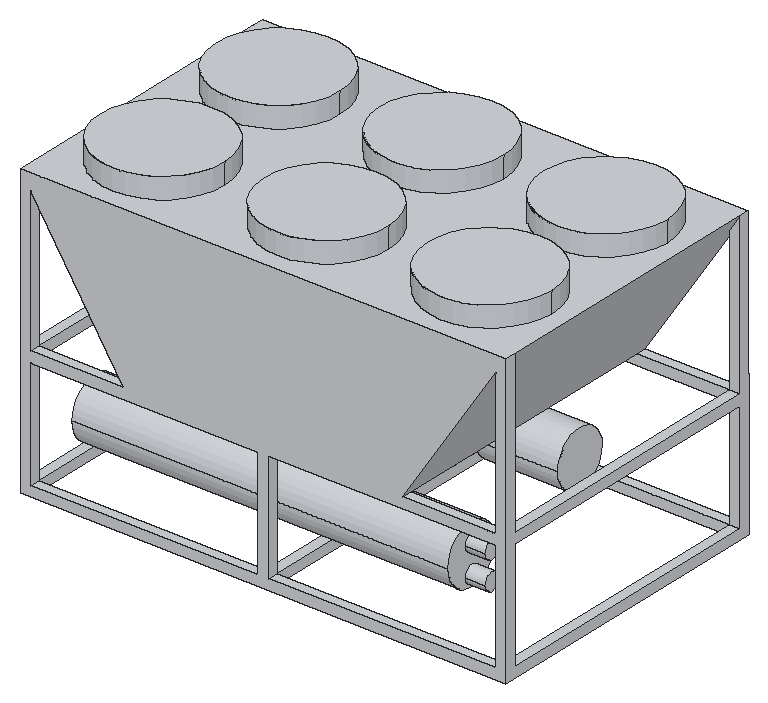
Revit family "M_Resfriador de ar de alta potência - Resfriado a ar - 281-1231 kW", category Equipamento mecânico, Revit 2019
Family settings
  Cota do conector redondo = Usar raio
  Tipo de parte = Normal
  Número OmniClass = 23.75.10.24.21.21.21
  Título OmniClass = Rotary-Screw Water Chillers
  ID de item do Seek = Screw Chiller - Air Cooled - 281-1231 kW-0000-CAN-ENU
  Com base no plano de trabalho = Não
  Sempre na vertical = Sim
  Corte com vazios quando carregada = Não
  Compartilhado = Não
  Ponto de cálculo do ambiente = Não
Parameters (values of type "281 kW")
  Voltagem = 460 V
  Classificação de carga = Refrigeração
  Queda de pressão da água resfriada [instance] = 34680.0 Pa
  Raio 1 = 127 mm + Raio do retorno de água resfriada + 25.4 mm  # 215 mm
  Número de pólos = 3
  Número de ventiladores = 6
  Comprimento 2 = Raio 1 + 25.4 mm  # 240.4 mm
  Comprimento 1 = 148 mm
  Meio número de ventiladores = Número de ventiladores / 2  # 3
  Fluxo da drenagem [instance] = 0.0 L/s  # constant formula
  Raio do fornecimento de água resfriada = Diâmetro do fornecimento de água resfriada / 2  # 62.5 mm
  Diâmetro do fornecimento de água resfriada = 125 mm
  Raio do retorno de água resfriada = Diâmetro do retorno de água resfriada / 2  # 62.6 mm
  Diâmetro do retorno de água resfriada = 125.2 mm
  Fluxo da água resfriada [instance] = 11.0 L/s
  Capacidade fria [instance] = 265489 W
  Material do resfriador = none
  Comprimento do resfriador = 3587 mm
  C2 Deslocamento 2 = 274 mm
  C1 Deslocamento 3 = 3078 mm
  C1 Deslocamento 2 = 484 mm
  C1 Deslocamento 1 = 1729 mm
  Carga aparente [instance] = 91600 VA
Types (8, lengths in mm): name | Queda de pressão da água resfriada | Raio 1 | Número de ventiladores | Comprimento 2 | Comprimento 1 | Meio número de ventiladores | Raio do fornecimento de água resfriada | Diâmetro do fornecimento de água resfriada | Raio do retorno de água resfriada | Diâmetro do retorno de água resfriada | Fluxo da água resfriada | Capacidade fria | Comprimento do resfriador | C2 Deslocamento 2 | C1 Deslocamento 3 | C1 Deslocamento 2 | C1 Deslocamento 1 | Carga aparente
  (no name) | 34680.0 Pa | 215 | 6 | 240.4 | 148 | 3 | 62.5 | 125 | 62.6 | 125.2 | 11.0 L/s | 265489 W | 3587 | 274 | 3078 | 484 | 1729 | 91600 VA
  281 kW | 34680.0 Pa | 215 | 6 | 240.4 | 148 | 3 | 62.5 | 125 | 62.6 | 125.2 | 11.0 L/s | 265489 W | 3587 | 274 | 3078 | 484 | 1729 | 91600 VA
  316-422 kW | 41231.0 Pa | 215 | 8 | 240.4 | 140 | 4 | 62.5 | 125 | 62.6 | 125.2 | 17.0 L/s | 388984 W | 4780 | 261 | 3422 | 484 | 1782 | 129500 VA
  492-563 kW | 39438.0 Pa | 215 | 10 | 240.4 | 148 | 5 | 62.5 | 125 | 62.6 | 125.2 | 23.0 L/s | 535078 W | 5975 | 261 | 3431 | 484 | 1782 | 173000 VA
  633-703 kW | 46057.0 Pa | 227 | 12 | 252.4 | 1565 | 6 | 75 | 150 | 74.6 | 149.2 | 29.0 L/s | 681672 W | 7168 | 287 | 4512 | 571 | 1782 | 217200 VA
  774-844 kW | 52883.0 Pa | 227 | 14 | 252.4 | 2759 | 7 | 75 | 150 | 74.6 | 149.2 | 34.0 L/s | 801567 W | 8363 | 287 | 5706 | 571 | 1782 | 264100 VA
  914-1055 kW | 39162.0 Pa | 252 | 16 | 277.4 | 4784 | 8 | 100 | 200 | 99.6 | 199.2 | 43.0 L/s | 1010158 W | 9556 | 310 | 7738 | 600 | 1805 | 326300 VA
  1142-1231 kW | 44264.0 Pa | 252 | 18 | 277.4 | 5910 | 9 | 100 | 200 | 99.6 | 199.2 | 48.89 L/s | 1138653 W | 10750 | 310 | 8865 | 600 | 1805 | 1138700 VA
Reference planes
  plane 1 "Centro (Frente/Trás)": y = 0
  plane 2: z = 0
  plane 3 "Centro (Esquerda/Direita)": x = 0
  plane 4: y = -2235.994
  plane 5: x = 3587
  plane 6: z = 2299.99
  plane 7: z = 2147.59
  plane 8: x = 1793.5
  plane 9: x = 1755.4
  plane 10: x = 1831.6
  plane 11: x = 76.2
  plane 12: y = -76.2
  plane 13: y = -2159.794
  plane 14: x = 3510.8
  plane 15: z = 76.2
  plane 16: z = 889
  plane 17: z = 965.2
  plane 18: x = 762
  plane 19: x = 2825
  plane 20: z = 563.86
  plane 21: z = 1371.6
  plane 22: y = -1369.616
  plane 23: x = 203.2
  plane 24: y = -457.2
  plane 25: z = 274
  plane 26: z = 401
  plane 27: x = 1488.7
  plane 28: x = 2098.3
  plane 29: x = 879.1
  plane 30: x = 2707.9
  plane 31: y = -1729
  plane 32: z = 484
  plane 33: x = 148
  plane 34: x = 3078
  plane 35: x = 2925.6
  plane 36: x = 198.8
  plane 37: z = 160.6
  plane 38: x = 584.2
  plane 39: x = 3002.8
  plane 40: y = -584.2
  plane 41: y = -673.1
  plane 42: x = 105.569
Forms (mm)
  Extrusion 1, solid, material <- "Material do resfriador"
    sketch origin (0, 0, 0) x (1, 0, 0) y (0, 1, 0)
      loop
        line (0, 0) -> (0, -2235.994) -> (3587, -2235.994) -> (3587, 0) -> (0, 0)
      loop
        line (76.2, -76.2) -> (76.2, -2159.794) -> (1755.4, -2159.794) -> (1755.4, -76.2) -> (76.2, -76.2)
      loop
        line (1831.6, -76.2) -> (1831.6, -2159.794) -> (3510.8, -2159.794) -> (3510.8, -76.2) -> (1831.6, -76.2)
    from 0 to 76.2
  Extrusion 2, solid, material <- "Material do resfriador"
    sketch origin (0, 0, 0) x (1, 0, 0) y (0, 1, 0)
      loop
        line (0, 0) -> (0, -2235.994) -> (3587, -2235.994) -> (3587, 0) -> (0, 0)
      loop
        line (76.2, -76.2) -> (76.2, -2159.794) -> (1755.4, -2159.794) -> (1755.4, -76.2) -> (76.2, -76.2)
      loop
        line (1831.6, -76.2) -> (1831.6, -2159.794) -> (3510.8, -2159.794) -> (3510.8, -76.2) -> (1831.6, -76.2)
    from 889 to 965.2
  Extrusion 3, solid, material <- "Material do resfriador"
    sketch origin (0, 0, 0) x (1, 0, 0) y (0, 1, 0)
      loop
        line (0, 0) -> (0, -76.2) -> (76.2, -76.2) -> (76.2, 0) -> (0, 0)
      loop
        line (1755.4, 0) -> (1755.4, -76.2) -> (1831.6, -76.2) -> (1831.6, 0) -> (1755.4, 0)
      loop
        line (3510.8, 0) -> (3510.8, -76.2) -> (3587, -76.2) -> (3587, 0) -> (3510.8, 0)
      loop
        line (3510.8, -2159.794) -> (3510.8, -2235.994) -> (3587, -2235.994) -> (3587, -2159.794) -> (3510.8, -2159.794)
      loop
        line (1755.4, -2159.794) -> (1755.4, -2235.994) -> (1831.6, -2235.994) -> (1831.6, -2159.794) -> (1755.4, -2159.794)
      loop
        line (0, -2159.794) -> (0, -2235.994) -> (76.2, -2235.994) -> (76.2, -2159.794) -> (0, -2159.794)
    from 0 to 2147.59
  Extrusion 4, solid, material <- "Material do resfriador"
    sketch origin (0, 0, 0) x (1, 0, 0) y (0, 0, 1)
      loop
        line (762, 965.2) -> (2825, 965.2) -> (3587, 2147.59) -> (0, 2147.59) -> (762, 965.2)
    from 2235.994 to 0
  Extrusion 5, solid, material <- "Material do resfriador"
    sketch origin (0, 0, 0) x (0, 1, 0) y (0, 0, 1)
      loop
        line (0, 1371.6) -> (-1369.616, 1371.6) -> (-1369.616, 563.86) -> (0, 563.86) -> (0, 1371.6)
    from 0 to 203.2
  Extrusion 6, solid, material <- "Material do resfriador"
    sketch origin (0, 0, 0) x (0, 1, 0) y (0, 0, 1)
      loop
        circle (-457.2, 401) r 203.2
    from 879.1 to 1488.7
  Extrusion 7, solid, material <- "Material do resfriador"
    sketch origin (0, 0, 0) x (0, 1, 0) y (0, 0, 1)
      loop
        circle (-457.2, 401) r 203.2
    from 2098.3 to 2707.9
  Extrusion 8, solid, material <- "Material do resfriador"
    sketch origin (0, 0, 0) x (0, 1, 0) y (0, 0, 1)
      loop
        circle (-1729, 401) r 215
    from 148 to 2925.6
  Extrusion 9, solid, material <- "Material do resfriador"
    sketch origin (0, 0, 0) x (0, 1, 0) y (0, 0, 1)
      loop
        circle (-1729, 274) r 62.6
      loop
        circle (-1729, 484) r 62.5
    from 2925.6 to 3078
  Extrusion 10, solid, material <- "Material do resfriador"
    sketch origin (0, 0, 0) x (1, 0, 0) y (0, 1, 0)
      loop
        circle (198.8, -1729) r 4.763
    from 160.6 to 401
  Extrusion 11, solid, material <- "Material do resfriador"
    sketch origin (0, 0, 0) x (1, 0, 0) y (0, 1, 0)
      loop
        circle (105.569, -673.1) r 31.75
    from 563.86 to 1371.6
Cuts and joins
  joined: Extrusion 1, Extrusion 2, Extrusion 3, Extrusion 4, Extrusion 5, Extrusion 6, Extrusion 7, Extrusion 8, Extrusion 9, Extrusion 10, Extrusion 11
Dimensions and locks
  locked: plane 1 "Centro (Frente/Trás)" to plane 4 at 2235.994
  "Comprimento do resfriador": plane 5 to plane 3 "Centro (Esquerda/Direita)"
  locked: plane 6 to plane 2 at 2299.99
  locked: plane 6 to plane 7 at 152.4
  equal spacing: plane 5, plane 8, plane 3 "Centro (Esquerda/Direita)"
  locked: plane 9 to plane 8 at 38.1
  locked: plane 8 to plane 10 at 38.1
  locked: plane 14 to plane 5 at 76.2
  locked: plane 3 "Centro (Esquerda/Direita)" to plane 11 at 76.2
  locked: plane 1 "Centro (Frente/Trás)" to plane 12 at 76.2
  locked: plane 13 to plane 4 at 76.2
  locked: plane 15 to plane 2 at 76.2
  locked: plane 16 to plane 2 at 889
  locked: plane 17 to plane 16 at 76.2
  locked: plane 18 to plane 3 "Centro (Esquerda/Direita)" at 762
  locked: plane 5 to plane 19 at 762
  locked: plane 20 to plane 2 at 563.86
  locked: plane 21 to plane 2 at 1371.6
  locked: plane 1 "Centro (Frente/Trás)" to plane 22 at 1369.616
  locked: plane 3 "Centro (Esquerda/Direita)" to plane 23 at 203.2
  locked: plane 24 to plane 12 at 381
  "C2 Deslocamento 2": plane 25 to plane 2
  locked: plane 26 to plane 25 at 127
  locked: plane 8 to plane 27 at 304.8
  locked: plane 28 to plane 8 at 304.8
  locked: plane 27 to plane 29 at 609.6
  locked: plane 30 to plane 28 at 609.6
  "C1 Deslocamento 1": plane 1 "Centro (Frente/Trás)" to plane 31
  "C1 Deslocamento 2": plane 32 to plane 2
  "Comprimento 1": plane 3 "Centro (Esquerda/Direita)" to plane 33
  "C1 Deslocamento 3": plane 3 "Centro (Esquerda/Direita)" to plane 34
  locked: plane 35 to plane 34 at 152.4
  locked: plane 33 to plane 36 at 50.8
  "Comprimento 2": plane 26 to plane 37
  locked: plane 3 "Centro (Esquerda/Direita)" to plane 38 at 584.2
  locked: plane 39 to plane 5 at 584.2
  locked: plane 1 "Centro (Frente/Trás)" to plane 40 at 584.2
  equal spacing: group 1, group 3, group 2  (x3)
  locked: plane 1 "Centro (Frente/Trás)" to plane 41 at 673.1
  locked: plane 3 "Centro (Esquerda/Direita)" to plane 42 at 105.569
  radius of Extrusion 6 sketch curve = 203.2 mm
  radius of Extrusion 7 sketch curve = 203.2 mm
  "Raio 1": radius of Extrusion 8 sketch curve
  "Raio do retorno de água resfriada": radius of Extrusion 9 sketch curve
  "Raio do fornecimento de água resfriada": radius of Extrusion 9 sketch curve
  radius of Extrusion 10 sketch curve = 4.763 mm
  radius of Extrusion 11 sketch curve = 31.75 mm
  aligned and locked: plane 3 "Centro (Esquerda/Direita)" to Extrusion 1 sketch curve
  aligned and locked: plane 1 "Centro (Frente/Trás)" to Extrusion 1 sketch curve
  aligned and locked: plane 4 to Extrusion 1 sketch curve
  aligned and locked: plane 11 to Extrusion 1 sketch curve
  aligned and locked: Extrusion 1 sketch curve to plane 12  (x2)
  aligned and locked: plane 13 to Extrusion 1 sketch curve  (x2)
  aligned and locked: Extrusion 1 sketch curve to plane 9
  aligned and locked: plane 10 to Extrusion 1 sketch curve
  aligned and locked: Extrusion 1 sketch curve to plane 14
  aligned and locked: Extrusion 1 to plane 2
  aligned and locked: plane 15 to Extrusion 1
  aligned and locked: plane 1 "Centro (Frente/Trás)" to Extrusion 2 sketch curve
  aligned and locked: plane 3 "Centro (Esquerda/Direita)" to Extrusion 2 sketch curve
  aligned and locked: plane 4 to Extrusion 2 sketch curve
  aligned and locked: Extrusion 2 sketch curve to plane 5
  aligned and locked: Extrusion 2 sketch curve to plane 12  (x2)
  aligned and locked: plane 11 to Extrusion 2 sketch curve
  aligned and locked: plane 13 to Extrusion 2 sketch curve  (x2)
  aligned and locked: Extrusion 2 sketch curve to plane 9
  aligned and locked: plane 10 to Extrusion 2 sketch curve
  aligned and locked: Extrusion 2 sketch curve to plane 14
  aligned and locked: plane 17 to Extrusion 2
  aligned and locked: Extrusion 2 to plane 16
  aligned and locked: plane 4 to Extrusion 3 sketch curve  (x3)
  aligned and locked: plane 3 "Centro (Esquerda/Direita)" to Extrusion 3 sketch curve  (x2)
  aligned and locked: Extrusion 3 sketch curve to plane 13  (x3)
  aligned and locked: Extrusion 3 sketch curve to plane 11  (x2)
  aligned and locked: plane 9 to Extrusion 3 sketch curve  (x2)
  aligned and locked: Extrusion 3 sketch curve to plane 10  (x2)
  aligned and locked: Extrusion 3 sketch curve to plane 5  (x2)
  aligned and locked: plane 14 to Extrusion 3 sketch curve  (x2)
  aligned and locked: plane 12 to Extrusion 3 sketch curve  (x3)
  aligned and locked: plane 1 "Centro (Frente/Trás)" to Extrusion 3 sketch curve  (x3)
  aligned and locked: Extrusion 3 to plane 2
  aligned and locked: plane 7 to Extrusion 3
  aligned and locked: plane 7 to Extrusion 4 sketch curve
  aligned and locked: plane 17 to Extrusion 4 sketch curve
  aligned and locked: plane 19 to Extrusion 4 sketch curve
  aligned and locked: plane 18 to Extrusion 4 sketch curve
  aligned and locked: plane 3 "Centro (Esquerda/Direita)" to Extrusion 4 sketch curve
  aligned and locked: plane 5 to Extrusion 4 sketch curve
  aligned and locked: Extrusion 4 sketch curve to plane 7
  aligned and locked: Extrusion 4 sketch curve to plane 17
  aligned and locked: Extrusion 4 to plane 4
  aligned and locked: Extrusion 4 to plane 1 "Centro (Frente/Trás)"
  aligned and locked: Extrusion 5 sketch curve to plane 21
  aligned and locked: plane 1 "Centro (Frente/Trás)" to Extrusion 5 sketch curve
  aligned and locked: plane 20 to Extrusion 5 sketch curve
  aligned and locked: Extrusion 5 sketch curve to plane 22
  aligned and locked: Extrusion 5 to plane 3 "Centro (Esquerda/Direita)"
  aligned and locked: plane 23 to Extrusion 5
  aligned and locked: plane 26 to Extrusion 6 sketch curve
  aligned and locked: plane 24 to Extrusion 6 sketch curve
  aligned and locked: plane 27 to Extrusion 6
  aligned and locked: Extrusion 6 to plane 29
  aligned and locked: plane 26 to Extrusion 7 sketch curve
  aligned and locked: plane 24 to Extrusion 7 sketch curve
  aligned and locked: plane 30 to Extrusion 7
  aligned and locked: Extrusion 7 to plane 28
  aligned and locked: plane 26 to Extrusion 8 sketch curve
  aligned and locked: plane 31 to Extrusion 8 sketch curve
  aligned and locked: plane 35 to Extrusion 8
  aligned and locked: Extrusion 8 to plane 33
  aligned and locked: plane 25 to Extrusion 9 sketch curve
  aligned and locked: plane 31 to Extrusion 9 sketch curve  (x2)
  aligned and locked: plane 32 to Extrusion 9 sketch curve
  aligned and locked: plane 34 to Extrusion 9
  aligned and locked: Extrusion 9 to plane 35
  aligned and locked: plane 31 to Extrusion 10 sketch curve
  aligned and locked: plane 36 to Extrusion 10 sketch curve
  aligned and locked: plane 26 to Extrusion 10
  aligned and locked: Extrusion 10 to plane 37
  aligned and locked: plane 38 to nested 1
  aligned and locked: plane 40 to nested 1
  aligned and locked: nested 1 to plane 7
  aligned and locked: plane 40 to nested 2
  aligned and locked: plane 39 to nested 2
  aligned and locked: plane 41 to Extrusion 11 sketch curve
  aligned and locked: plane 42 to Extrusion 11 sketch curve
  aligned and locked: plane 21 to Extrusion 11
  aligned and locked: Extrusion 11 to plane 20
Automatic sketch dimensions
  Extrusion 1 sketch curve to plane 1 "Centro (Frente/Trás)" = 0 mm
  Extrusion 1 sketch curve to plane 5 = 0 mm
Nested families
  nested 1: "M_Resfriador de alta potência resfriado a ar de 80-350 toneladas_Ventilador" at (0, 0, 2147.59), type "Resfriador de alta potência resfriado a ar de 80-350 toneladas_Ventilador"
  nested 2: "M_Resfriador de alta potência resfriado a ar de 80-350 toneladas_Ventilador" at (2418.6, 0, 2147.59), type "Resfriador de alta potência resfriado a ar de 80-350 toneladas_Ventilador"
  nested 3: "M_Resfriador de alta potência resfriado a ar de 80-350 toneladas_Ventilador" at (1209.3, 0, 2147.59), type "Resfriador de alta potência resfriado a ar de 80-350 toneladas_Ventilador"
Connectors
  piping at (3078, -1729, 274), diameter 125.2, driven by "Raio do retorno de água resfriada", driven by "Fluxo da água resfriada"
    settings: on cut or joined group 1 (Extrusion 1, Extrusion 2, Extrusion 3, Extrusion 4, Extrusion 5, Extrusion 6, Extrusion 7, Extrusion 8, Extrusion 9, Extrusion 10, Extrusion 11), index 1, connector inside diameter 125.2 mm, connector length 0 mm, flow factor 0, pipe flow 11.0 L/s, pressure drop 0.0 Pa, fitting loss kfactor 0, connector angle 0.00°, fixture units 0, engagement length 0 mm, angle of deflection 0.00°, flow configuration 0, flow direction 1, fitting loss method 4, system type 8, joint type 0, gender type 0, connector reference index 2, connector utility 0, adjustable connector no, is connector primary yes, connector description "Entrada de água resfriada"
  piping at (3078, -1729, 484), diameter 125, driven by "Queda de pressão da água resfriada", driven by "Fluxo da água resfriada", driven by "Raio do fornecimento de água resfriada"
    settings: on cut or joined group 1, index 2, connector inside diameter 125 mm, connector length 0 mm, flow factor 0, pipe flow 11.0 L/s, pressure drop 34680.0 Pa, fitting loss kfactor 0, connector angle 0.00°, fixture units 0, engagement length 0 mm, angle of deflection 0.00°, flow configuration 0, flow direction 2, fitting loss method 4, system type 7, joint type 0, gender type 0, connector reference index 1, connector utility 0, adjustable connector no, is connector primary no, connector description "Saída de água resfriada"
  piping at (198.8, -1729, 160.6), diameter 9.525, driven by "Fluxo da drenagem"
    settings: on cut or joined group 1, index 3, connector inside diameter 9.525 mm, connector length 0 mm, flow factor 0, pipe flow 0.0 L/s, pressure drop 0.0 Pa, fitting loss kfactor 0, connector angle 0.00°, fixture units 0, engagement length 0 mm, angle of deflection 0.00°, flow configuration 1, flow direction 2, fitting loss method 0, system type 16, joint type 0, gender type 0, connector reference index -1, connector utility 0, adjustable connector no, is connector primary no, connector description "Saída da drenagem"
  electrical at (93.133, -481.939, 563.86), driven by "Número de pólos", driven by "Voltagem", driven by "Carga aparente", driven by "Classificação de carga"
    settings: on cut or joined group 1, index 4, voltage 460 V, apparent load 91600 VA, apparent load phase1 0 VA, apparent load phase2 0 VA, apparent load phase3 0 VA, power factor 0.8, load classification "Refrigeração", number of poles 3, system type 30, power factor state 1, is connector primary yes, connector utility no, sub classification motor no, connector description ""
Definition of nested family "M_Resfriador de alta potência resfriado a ar de 80-350 toneladas_Ventilador"
  Parameters
    Material do resfriador = none
    Assembly Code = ""
  Reference planes
    plane 1 "Centro (Frente/Trás)": y = 0
    plane 2: z = 0
    plane 3 "Centro (Esquerda/Direita)": x = 0
    plane 4: y = -2235.994
    plane 5: x = 584.2
    plane 6: y = -584.2
    plane 7: y = -1651.794
    plane 8: z = 152.4
  Forms (mm)
    Extrusion 1, solid, material <- "Material do resfriador"
      sketch origin (0, 0, 0) x (1, 0, 0) y (0, 1, 0)
        loop
          circle (584.2, -584.2) r 457.2
        loop
          circle (584.2, -1651.794) r 457.2
      from 0 to 152.4
  Dimensions and locks
    locked: plane 1 "Centro (Frente/Trás)" to plane 4 at 2235.994
    locked: plane 3 "Centro (Esquerda/Direita)" to plane 5 at 584.2
    locked: plane 1 "Centro (Frente/Trás)" to plane 6 at 584.2
    locked: plane 7 to plane 4 at 584.2
    locked: plane 8 to plane 2 at 152.4
    radius of Extrusion 1 sketch curve = 457.2 mm  (x2)
    aligned and locked: plane 6 to Extrusion 1 sketch curve
    aligned and locked: plane 5 to Extrusion 1 sketch curve  (x2)
    aligned and locked: plane 7 to Extrusion 1 sketch curve
    aligned and locked: Extrusion 1 to plane 2
    aligned and locked: plane 8 to Extrusion 1
